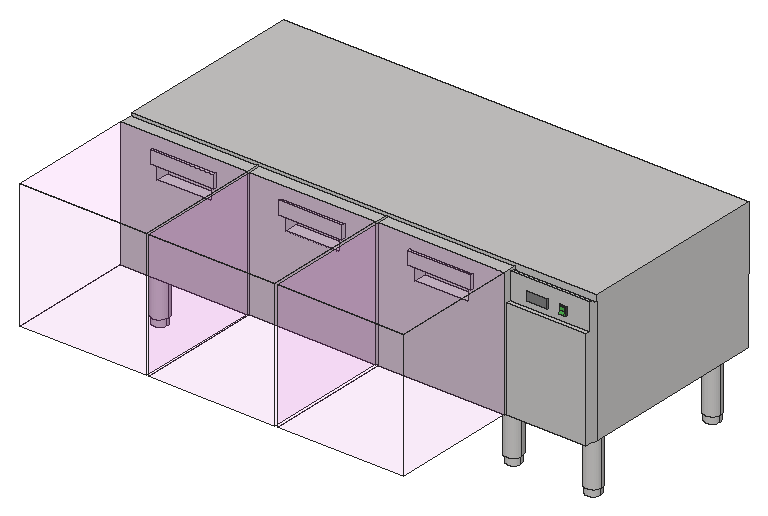
Revit family "QF_ELECTROLUXPROFESSIONAL_371292_E7TTAECOMKN", category Specialty Equipment, Revit 2018 (continued)
Lines and regions (mm)
  Split face 146
    outline origin (966.896, -348, 142.29) x (0, 0, -1) y (1, 0, 0)
      loop
        arc (-117.004, -234.4) -> (-121.004, -238.41) -> (-116.984, -242.399) r 4
        line (-116.984, -242.399) -> (-85.025, -242.399)
  Split face 147
    outline origin (978.896, -348, 142.29) x (0, 0, -1) y (1, 0, 0)
      loop
        arc (-85.025, -242.399) -> (-81.004, -238.41) -> (-85.004, -234.4) r 4
        line (-85.004, -234.4) -> (-117.004, -234.4)
        arc (-117.004, -234.4) -> (-121.004, -238.41) -> (-116.984, -242.399) r 4
        line (-116.984, -242.399) -> (-85.025, -242.399)
  Split face 148
    outline origin (990.896, -348, 142.29) x (0, 0, -1) y (1, 0, 0)
      loop
        arc (-85.025, -242.399) -> (-81.004, -238.41) -> (-85.004, -234.4) r 4
        line (-85.004, -234.4) -> (-117.004, -234.4)
        arc (-117.004, -234.4) -> (-121.004, -238.41) -> (-116.984, -242.399) r 4
        line (-116.984, -242.399) -> (-85.025, -242.399)
  Split face 149
    outline origin (1002.896, -348, 142.29) x (0, 0, -1) y (1, 0, 0)
      loop
        arc (-85.025, -242.399) -> (-81.004, -238.41) -> (-85.004, -234.4) r 4
        line (-85.004, -234.4) -> (-117.004, -234.4)
        arc (-117.004, -234.4) -> (-121.004, -238.41) -> (-116.984, -242.399) r 4
        line (-116.984, -242.399) -> (-85.025, -242.399)
  Split face 150
    outline origin (1014.896, -348, 142.29) x (0, 0, -1) y (1, 0, 0)
      loop
        arc (-85.025, -242.399) -> (-81.004, -238.41) -> (-85.004, -234.4) r 4
        line (-85.004, -234.4) -> (-117.004, -234.4)
        arc (-117.004, -234.4) -> (-121.004, -238.41) -> (-116.984, -242.399) r 4
        line (-116.984, -242.399) -> (-85.025, -242.399)
  Split face 151
    outline origin (787, -348, 142.29) x (0, 0, -1) y (1, 0, 0)
      loop
        arc (-85.025, -240.599) -> (-81.004, -236.61) -> (-85.004, -232.599) r 4
        line (-85.004, -232.599) -> (-117.004, -232.599)
        arc (-117.004, -232.599) -> (-121.004, -236.61) -> (-116.984, -240.599) r 4
        line (-116.984, -240.599) -> (-85.025, -240.599)
  symbolic lines, style "SpecialityEquipmentHiddenLines"
    curve 1: line (-799, 350, 0) -> (799, 350, 0)
    curve 2: line (-799, -348, 0) -> (-799, 350, 0)
    curve 3: line (799, -348, 0) -> (-799, -348, 0)
    curve 4: line (799, 350, 0) -> (799, -348, 0)
    curve 16: line (-799, -303, 0) -> (799, -303, 0)
  symbolic lines, style "QF_Door-Drawer Clearances"
    curve 5: line (-779, -348, 0) -> (-779, -473, 0)
    curve 6: line (-384.999, -473, 0) -> (-384.999, -348, 0)
    curve 7: line (-336.67, -348, 0) -> (-336.67, -473, 0)
    curve 8: line (-799, -473, 0) -> (-364.999, -473, 0)
    curve 9: line (-356.67, -473, 0) -> (77.33, -473, 0)
    curve 10: line (-799, -513, 0) -> (-364.999, -513, 0)
    curve 11: line (-356.67, -513, 0) -> (77.33, -513, 0)
    curve 12: line (-364.999, -513, 0) -> (-364.999, -473, 0)
    curve 13: line (-356.67, -473, 0) -> (-356.67, -513, 0)
    curve 14: line (-799, -473, 0) -> (-799, -513, 0)
    curve 15: line (77.33, -513, 0) -> (77.33, -473, 0)
    curve 17: line (519.661, -473, 0) -> (85.661, -473, 0)
    curve 18: line (519.661, -513, 0) -> (85.661, -513, 0)
    curve 19: line (519.661, -473, 0) -> (519.661, -513, 0)
    curve 20: line (85.661, -513, 0) -> (85.661, -473, 0)
    curve 21: line (57.33, -473, 0) -> (57.33, -348, 0)
    curve 22: line (105.661, -348, 0) -> (105.661, -473, 0)
    curve 23: line (499.661, -473, 0) -> (499.661, -348, 0)
Dimensions and locks
  plane 4 to level = 200 mm
  plane 5 "TOP" to level = 650 mm
  plane 5 "TOP" to plane 4 = 450 mm
  equal spacing: plane 8 "LEFT", plane 3 "Centro (Sinistra/Destra)", plane 9 "RIGHT"
  plane 8 "LEFT" to plane 9 "RIGHT" = 1600 mm
  equal spacing: plane 6 "BACK", plane 1 "Center X", plane 7 "FRONT"
  plane 6 "BACK" to plane 7 "FRONT" = 700 mm
  locked: plane 6 "BACK" to plane 10 at 653
  locked: plane 10 to plane 11 at 45
  locked: plane 8 "LEFT" to plane 12 at 55
  locked: plane 13 to plane 9 "RIGHT" at 55
  plane 12 to plane 14 = 1216 mm
  locked: plane 6 "BACK" to plane 15 at 88
  locked: plane 16 to plane 11 at 99
  locked: plane 19 to plane 9 "RIGHT" at 1
  locked: plane 8 "LEFT" to plane 18 at 1
  plane 19 to plane 17 = 513 mm
  locked: plane 6 "BACK" to plane 20 at 160
  plane 21 to plane 9 "RIGHT" = 240 mm
  plane 14 to plane 12 = 1216 mm
  plane 12 to plane 8 "LEFT" = 55 mm
  plane 9 "RIGHT" to plane 13 = 55 mm
  Extrusion 10 to Extrusion 10 = 434 mm
  Extrusion 13 to Extrusion 13 = 434 mm
  aligned and locked: level to plane 2
  aligned and locked: plane 12 to nested 1
  aligned and locked: nested 1 to plane 16
  aligned and locked: nested 2 to plane 15
  aligned and locked: plane 14 to nested 3
  aligned and locked: nested 4 to plane 14
  aligned and locked: plane 13 to nested 5
  aligned and locked: nested 6 to plane 13
  aligned and locked: Extrusion 1 sketch curve to plane 6 "BACK"
  aligned and locked: Extrusion 1 sketch curve to plane 10
  aligned and locked: Extrusion 2 to plane 11
  aligned and locked: plane 19 to Extrusion 1
  aligned and locked: plane 4 to Extrusion 5
  aligned and locked: nested 2 to plane 12
Automatic sketch dimensions
  Extrusion 5 sketch curve to plane 20 = 0 mm
  plane 21 to Extrusion 5 sketch curve = 200 mm
  Extrusion 1 sketch curve to plane 19 = 0 mm
  Extrusion 1 sketch curve to plane 18 = 0 mm
  Extrusion 2 sketch curve to plane 18 = 0 mm
  plane 12 to Extrusion 2 sketch curve = 69.7 mm
  Extrusion 2 sketch curve to Extrusion 2 sketch curve = 186.601 mm
  Extrusion 2 sketch curve to plane 5 "TOP" = 9.006 mm
  Extrusion 2 sketch curve to Extrusion 2 sketch curve = 123.7 mm
  Extrusion 2 sketch curve to plane 5 "TOP" = 65 mm
  Extrusion 2 sketch curve to Extrusion 2 sketch curve = 78.294 mm
  plane 4 to Extrusion 2 sketch curve = 1.587 mm
  Extrusion 2 to Extrusion 3 sketch curve = 0 mm
  Extrusion 3 sketch curve to Extrusion 2 = 0 mm  (x3)
  Extrusion 4 sketch curve to Extrusion 2 = 15 mm  (x2)
  Extrusion 2 to Extrusion 4 sketch curve = 31.031 mm
  Extrusion 4 sketch curve to Extrusion 2 = 13.969 mm
  Extrusion 6 sketch curve to plane 11 = 0 mm
  Extrusion 6 sketch curve to plane 4 = 0 mm
  Extrusion 6 sketch curve to plane 10 = 0 mm
  plane 11 to Extrusion 6 sketch curve = 16.901 mm
  Extrusion 6 sketch curve to Extrusion 6 sketch curve = 11.336 mm
  plane 4 to Extrusion 6 sketch curve = 4.796 mm
  Extrusion 6 sketch curve to plane 10 = 15.163 mm
  Extrusion 6 sketch curve to plane 10 = 5.442 mm
  Extrusion 6 sketch curve to plane 5 "TOP" = 100.204 mm
  Extrusion 6 sketch curve to plane 5 "TOP" = 20.473 mm
  Extrusion 6 sketch curve to plane 5 "TOP" = 9.006 mm
  Extrusion 6 to Extrusion 7 sketch curve = 42.198 mm
  Extrusion 7 sketch curve to Extrusion 6 = 20 mm
  Extrusion 6 to Extrusion 7 sketch curve = 102.899 mm
  Extrusion 7 sketch curve to Extrusion 7 sketch curve = 22 mm
  Extrusion 6 to Extrusion 8 sketch curve = 42.198 mm
  Extrusion 8 sketch curve to Extrusion 6 = 20 mm
  Extrusion 6 to Extrusion 8 sketch curve = 54.901 mm
  Extrusion 8 sketch curve to Extrusion 8 sketch curve = 70 mm
  Split face 1 sketch curve to Extrusion 8 = 5 mm
  Split face 1 sketch curve to Extrusion 8 = 9 mm
  Split face 1 sketch curve to Extrusion 8 = 10 mm  (x2)
  Split face 2 sketch curve to Extrusion 8 = 12.5 mm
  Split face 2 sketch curve to Extrusion 8 = 7 mm
  Split face 3 sketch curve to Extrusion 8 = 7.5 mm
  Split face 3 sketch curve to Extrusion 8 = 7 mm
  Split face 4 sketch curve to Extrusion 8 = 11.5 mm
  Split face 4 sketch curve to Extrusion 8 = 7 mm
  Split face 5 sketch curve to Extrusion 8 = 7.5 mm
  Split face 5 sketch curve to Extrusion 8 = 7 mm
  Split face 6 sketch curve to Extrusion 8 = 12.5 mm
  Split face 6 sketch curve to Extrusion 8 = 7 mm
  Split face 7 sketch curve to Extrusion 8 = 11.5 mm
  Split face 7 sketch curve to Extrusion 8 = 7 mm
  Split face 8 sketch curve to Extrusion 8 = 7.047 mm
  Split face 8 sketch curve to Extrusion 8 = 2.047 mm
  Split face 8 sketch curve to Extrusion 8 = 10 mm
  Split face 8 sketch curve to Split face 8 sketch curve = 11 mm
  Split face 9 sketch curve to Extrusion 8 = 7.047 mm
  Split face 9 sketch curve to Extrusion 8 = 2.047 mm
  Split face 9 sketch curve to Extrusion 8 = 23 mm
  Split face 9 sketch curve to Split face 9 sketch curve = 11 mm
  Split face 10 sketch curve to Extrusion 8 = 7.047 mm
  Split face 10 sketch curve to Extrusion 8 = 2.047 mm
  Split face 10 sketch curve to Extrusion 8 = 34 mm
  Split face 10 sketch curve to Split face 10 sketch curve = 11 mm
  Split face 11 sketch curve to Extrusion 8 = 7.047 mm
  Split face 11 sketch curve to Extrusion 8 = 2.047 mm
  Split face 11 sketch curve to Extrusion 8 = 21 mm
  Split face 11 sketch curve to Extrusion 8 = 10 mm
  Extrusion 9 sketch curve to Extrusion 9 sketch curve = 0 mm  (x3)
  Extrusion 9 sketch curve to Extrusion 7 = 0 mm
  Extrusion 7 to Extrusion 9 sketch curve = 2.279 mm
  Extrusion 9 sketch curve to Extrusion 9 sketch curve = 0.116 mm
  Extrusion 9 sketch curve to Extrusion 9 sketch curve = 12.105 mm
  Extrusion 7 to Extrusion 9 sketch curve = 3.692 mm
  Extrusion 7 to Extrusion 9 sketch curve = 2.395 mm
  Split face 12 sketch curve to Extrusion 6 = 20.5 mm
  Split face 12 sketch curve to Split face 12 sketch curve = 0.02 mm  (x2)
  Split face 12 sketch curve to Split face 12 sketch curve = 31.959 mm
  Split face 12 sketch curve to Extrusion 6 = 30.401 mm
  Split face 12 sketch curve to Split face 12 sketch curve = 4 mm
  Split face 13 sketch curve to Extrusion 6 = 20.5 mm
  Split face 13 sketch curve to Split face 13 sketch curve = 0.02 mm  (x2)
  Split face 13 sketch curve to Split face 13 sketch curve = 31.959 mm
  Split face 13 sketch curve to Extrusion 6 = 42.4 mm
  Split face 13 sketch curve to Split face 13 sketch curve = 4 mm
  Split face 14 sketch curve to Extrusion 6 = 20.5 mm
  Split face 14 sketch curve to Split face 14 sketch curve = 0.02 mm  (x2)
  Split face 14 sketch curve to Split face 14 sketch curve = 31.959 mm
  Split face 14 sketch curve to Extrusion 6 = 54.4 mm
  Split face 14 sketch curve to Split face 14 sketch curve = 4 mm
  Split face 15 sketch curve to Extrusion 6 = 20.5 mm
  Split face 15 sketch curve to Split face 15 sketch curve = 0.02 mm  (x2)
  Split face 15 sketch curve to Split face 15 sketch curve = 31.959 mm
  Split face 15 sketch curve to Extrusion 6 = 66.297 mm
  Split face 15 sketch curve to Split face 15 sketch curve = 4 mm
  Split face 16 sketch curve to Extrusion 6 = 20.5 mm
  Split face 16 sketch curve to Split face 16 sketch curve = 0.02 mm  (x2)
  Split face 16 sketch curve to Split face 16 sketch curve = 31.959 mm
  Split face 16 sketch curve to Extrusion 6 = 78.297 mm
  Split face 16 sketch curve to Split face 16 sketch curve = 4 mm
  Split face 17 sketch curve to Extrusion 6 = 20.5 mm
  Split face 17 sketch curve to Split face 17 sketch curve = 0.02 mm  (x2)
  Split face 17 sketch curve to Split face 17 sketch curve = 31.959 mm
  Split face 17 sketch curve to Extrusion 6 = 90.297 mm
  Split face 17 sketch curve to Split face 17 sketch curve = 4 mm
  Split face 18 sketch curve to Extrusion 6 = 20.5 mm
  Split face 18 sketch curve to Split face 18 sketch curve = 0.02 mm  (x2)
  Split face 18 sketch curve to Split face 18 sketch curve = 31.959 mm
  Split face 18 sketch curve to Extrusion 6 = 102.297 mm
  Split face 18 sketch curve to Split face 18 sketch curve = 4 mm
  Split face 19 sketch curve to Extrusion 6 = 20.5 mm
  Split face 19 sketch curve to Split face 19 sketch curve = 0.02 mm  (x2)
  Split face 19 sketch curve to Split face 19 sketch curve = 31.959 mm
  Split face 19 sketch curve to Extrusion 6 = 114.297 mm
  Split face 19 sketch curve to Split face 19 sketch curve = 4 mm
  Split face 20 sketch curve to Extrusion 6 = 20.5 mm
  Split face 20 sketch curve to Split face 20 sketch curve = 0.02 mm  (x2)
  Split face 20 sketch curve to Split face 20 sketch curve = 31.959 mm
  Split face 20 sketch curve to Extrusion 6 = 126.297 mm
  Split face 20 sketch curve to Split face 20 sketch curve = 4 mm
  Split face 21 sketch curve to Extrusion 6 = 20.5 mm
  Split face 21 sketch curve to Split face 21 sketch curve = 0.02 mm  (x2)
  Split face 21 sketch curve to Split face 21 sketch curve = 31.959 mm
  Split face 21 sketch curve to Extrusion 6 = 134.503 mm
  Split face 21 sketch curve to Split face 21 sketch curve = 4 mm
  Split face 22 sketch curve to Extrusion 6 = 20.5 mm
  Split face 22 sketch curve to Split face 22 sketch curve = 0.02 mm  (x2)
  Split face 22 sketch curve to Split face 22 sketch curve = 31.959 mm
  Split face 22 sketch curve to Extrusion 6 = 122.504 mm
  Split face 22 sketch curve to Split face 22 sketch curve = 4 mm
  Split face 23 sketch curve to Extrusion 6 = 20.5 mm
  Split face 23 sketch curve to Split face 23 sketch curve = 0.02 mm  (x2)
  Split face 23 sketch curve to Split face 23 sketch curve = 31.959 mm
  Split face 23 sketch curve to Extrusion 6 = 110.503 mm
  Split face 23 sketch curve to Split face 23 sketch curve = 4 mm
  Split face 24 sketch curve to Extrusion 6 = 20.5 mm
  Split face 24 sketch curve to Split face 24 sketch curve = 0.02 mm  (x2)
  Split face 24 sketch curve to Split face 24 sketch curve = 31.959 mm
  Split face 24 sketch curve to Extrusion 6 = 98.503 mm
  Split face 24 sketch curve to Split face 24 sketch curve = 4 mm
  Split face 25 sketch curve to Extrusion 6 = 20.5 mm
  Split face 25 sketch curve to Split face 25 sketch curve = 0.02 mm  (x2)
  Split face 25 sketch curve to Split face 25 sketch curve = 31.959 mm
  Split face 25 sketch curve to Extrusion 6 = 86.503 mm
  Split face 25 sketch curve to Split face 25 sketch curve = 4 mm
  Split face 26 sketch curve to Extrusion 6 = 20.5 mm
  Split face 26 sketch curve to Split face 26 sketch curve = 0.02 mm  (x2)
  Split face 26 sketch curve to Split face 26 sketch curve = 31.959 mm
  Split face 26 sketch curve to Extrusion 6 = 74.504 mm
  Split face 26 sketch curve to Split face 26 sketch curve = 4 mm
  Split face 27 sketch curve to Extrusion 6 = 20.5 mm
  Split face 27 sketch curve to Split face 27 sketch curve = 0.02 mm  (x2)
  Split face 27 sketch curve to Split face 27 sketch curve = 31.959 mm
  Split face 27 sketch curve to Extrusion 6 = 62.503 mm
  Split face 27 sketch curve to Split face 27 sketch curve = 4 mm
  Split face 28 sketch curve to Extrusion 6 = 20.5 mm
  Split face 28 sketch curve to Split face 28 sketch curve = 0.02 mm  (x2)
  Split face 28 sketch curve to Split face 28 sketch curve = 31.959 mm
  Split face 28 sketch curve to Extrusion 6 = 50.504 mm
  Split face 28 sketch curve to Split face 28 sketch curve = 4 mm
  Split face 29 sketch curve to Extrusion 6 = 20.5 mm
  Split face 29 sketch curve to Split face 29 sketch curve = 0.02 mm  (x2)
  Split face 29 sketch curve to Split face 29 sketch curve = 31.959 mm
  Split face 29 sketch curve to Extrusion 6 = 38.504 mm
  Split face 29 sketch curve to Split face 29 sketch curve = 4 mm
  Split face 30 sketch curve to Extrusion 6 = 20.5 mm
  Split face 30 sketch curve to Split face 30 sketch curve = 0.02 mm  (x2)
  Split face 30 sketch curve to Split face 30 sketch curve = 31.959 mm
  Split face 30 sketch curve to Extrusion 6 = 26.504 mm
  Split face 30 sketch curve to Split face 30 sketch curve = 4 mm
  Split face 31 sketch curve to Extrusion 6 = 20.5 mm
  Split face 31 sketch curve to Split face 31 sketch curve = 0.02 mm  (x2)
  Split face 31 sketch curve to Split face 31 sketch curve = 31.959 mm
  Split face 31 sketch curve to Extrusion 6 = 18.401 mm
  Split face 31 sketch curve to Split face 31 sketch curve = 4 mm
  Split face 32 sketch curve to Extrusion 6 = 65.502 mm
  Split face 32 sketch curve to Split face 32 sketch curve = 0.02 mm  (x2)
  Split face 32 sketch curve to Split face 32 sketch curve = 31.959 mm
  Split face 32 sketch curve to Extrusion 6 = 30.401 mm
  Split face 32 sketch curve to Split face 32 sketch curve = 4 mm
  Split face 33 sketch curve to Extrusion 6 = 65.502 mm
  Split face 33 sketch curve to Split face 33 sketch curve = 0.02 mm  (x2)
  Split face 33 sketch curve to Split face 33 sketch curve = 31.959 mm
  Split face 33 sketch curve to Extrusion 6 = 42.4 mm
  Split face 33 sketch curve to Split face 33 sketch curve = 4 mm
  Split face 34 sketch curve to Extrusion 6 = 65.502 mm
  Split face 34 sketch curve to Split face 34 sketch curve = 0.02 mm  (x2)
  Split face 34 sketch curve to Split face 34 sketch curve = 31.959 mm
  Split face 34 sketch curve to Extrusion 6 = 54.4 mm
  Split face 34 sketch curve to Split face 34 sketch curve = 4 mm
  Split face 35 sketch curve to Extrusion 6 = 65.502 mm
  Split face 35 sketch curve to Split face 35 sketch curve = 0.02 mm  (x2)
  Split face 35 sketch curve to Split face 35 sketch curve = 31.959 mm
  Split face 35 sketch curve to Extrusion 6 = 66.297 mm
  Split face 35 sketch curve to Split face 35 sketch curve = 4 mm
  Split face 36 sketch curve to Extrusion 6 = 65.502 mm
  Split face 36 sketch curve to Split face 36 sketch curve = 0.02 mm  (x2)
  Split face 36 sketch curve to Split face 36 sketch curve = 31.959 mm
  Split face 36 sketch curve to Extrusion 6 = 78.297 mm
  Split face 36 sketch curve to Split face 36 sketch curve = 4 mm
  Split face 37 sketch curve to Extrusion 6 = 65.502 mm
  Split face 37 sketch curve to Split face 37 sketch curve = 0.02 mm  (x2)
  Split face 37 sketch curve to Split face 37 sketch curve = 31.959 mm
  Split face 37 sketch curve to Extrusion 6 = 90.297 mm
  Split face 37 sketch curve to Split face 37 sketch curve = 4 mm
  Split face 38 sketch curve to Extrusion 6 = 65.502 mm
  Split face 38 sketch curve to Split face 38 sketch curve = 0.02 mm  (x2)
  Split face 38 sketch curve to Split face 38 sketch curve = 31.959 mm
  Split face 38 sketch curve to Extrusion 6 = 102.297 mm
  Split face 38 sketch curve to Split face 38 sketch curve = 4 mm
  Split face 39 sketch curve to Extrusion 6 = 65.502 mm
  Split face 39 sketch curve to Split face 39 sketch curve = 0.02 mm  (x2)
  Split face 39 sketch curve to Split face 39 sketch curve = 31.959 mm
  Split face 39 sketch curve to Extrusion 6 = 114.297 mm
  Split face 39 sketch curve to Split face 39 sketch curve = 4 mm
  Split face 40 sketch curve to Extrusion 6 = 65.502 mm
  Split face 40 sketch curve to Split face 40 sketch curve = 0.02 mm  (x2)
  Split face 40 sketch curve to Split face 40 sketch curve = 31.959 mm
  Split face 40 sketch curve to Extrusion 6 = 126.297 mm
  Split face 40 sketch curve to Split face 40 sketch curve = 4 mm
  Split face 41 sketch curve to Extrusion 6 = 65.502 mm
  Split face 41 sketch curve to Split face 41 sketch curve = 0.02 mm  (x2)
  Split face 41 sketch curve to Split face 41 sketch curve = 31.959 mm
  Split face 41 sketch curve to Extrusion 6 = 134.503 mm
  Split face 41 sketch curve to Split face 41 sketch curve = 4 mm
  Split face 42 sketch curve to Extrusion 6 = 65.502 mm
  Split face 42 sketch curve to Split face 42 sketch curve = 0.02 mm  (x2)
  Split face 42 sketch curve to Split face 42 sketch curve = 31.959 mm
  Split face 42 sketch curve to Extrusion 6 = 122.504 mm
  Split face 42 sketch curve to Split face 42 sketch curve = 4 mm
  Split face 43 sketch curve to Extrusion 6 = 65.502 mm
  Split face 43 sketch curve to Split face 43 sketch curve = 0.02 mm  (x2)
  Split face 43 sketch curve to Split face 43 sketch curve = 31.959 mm
  Split face 43 sketch curve to Extrusion 6 = 110.503 mm
  Split face 43 sketch curve to Split face 43 sketch curve = 4 mm
  Split face 44 sketch curve to Extrusion 6 = 65.502 mm
  Split face 44 sketch curve to Split face 44 sketch curve = 0.02 mm  (x2)
  Split face 44 sketch curve to Split face 44 sketch curve = 31.959 mm
  Split face 44 sketch curve to Extrusion 6 = 98.503 mm
  Split face 44 sketch curve to Split face 44 sketch curve = 4 mm
  Split face 45 sketch curve to Extrusion 6 = 65.502 mm
  Split face 45 sketch curve to Split face 45 sketch curve = 0.02 mm  (x2)
  Split face 45 sketch curve to Split face 45 sketch curve = 31.959 mm
  Split face 45 sketch curve to Extrusion 6 = 86.503 mm
  Split face 45 sketch curve to Split face 45 sketch curve = 4 mm
  Split face 46 sketch curve to Extrusion 6 = 65.502 mm
  Split face 46 sketch curve to Split face 46 sketch curve = 0.02 mm  (x2)
  Split face 46 sketch curve to Split face 46 sketch curve = 31.959 mm
  Split face 46 sketch curve to Extrusion 6 = 74.504 mm
  Split face 46 sketch curve to Split face 46 sketch curve = 4 mm
  Split face 47 sketch curve to Extrusion 6 = 65.502 mm
  Split face 47 sketch curve to Split face 47 sketch curve = 0.02 mm  (x2)
  Split face 47 sketch curve to Split face 47 sketch curve = 31.959 mm
  Split face 47 sketch curve to Extrusion 6 = 62.503 mm
  Split face 47 sketch curve to Split face 47 sketch curve = 4 mm
  Split face 48 sketch curve to Extrusion 6 = 65.502 mm
  Split face 48 sketch curve to Split face 48 sketch curve = 0.02 mm  (x2)
  Split face 48 sketch curve to Split face 48 sketch curve = 31.959 mm
  Split face 48 sketch curve to Extrusion 6 = 50.504 mm
  Split face 48 sketch curve to Split face 48 sketch curve = 4 mm
  Split face 49 sketch curve to Extrusion 6 = 65.502 mm
  Split face 49 sketch curve to Split face 49 sketch curve = 0.02 mm  (x2)
  Split face 49 sketch curve to Split face 49 sketch curve = 31.959 mm
  Split face 49 sketch curve to Extrusion 6 = 38.504 mm
  Split face 49 sketch curve to Split face 49 sketch curve = 4 mm
  Split face 50 sketch curve to Extrusion 6 = 22.504 mm
  Split face 50 sketch curve to Extrusion 6 = 65.502 mm
  Split face 50 sketch curve to Split face 50 sketch curve = 0.02 mm  (x2)
  Split face 50 sketch curve to Split face 50 sketch curve = 31.959 mm
  Split face 50 sketch curve to Split face 50 sketch curve = 4 mm
  Split face 51 sketch curve to Extrusion 6 = 22.401 mm
  Split face 51 sketch curve to Extrusion 6 = 65.502 mm
  Split face 51 sketch curve to Split face 51 sketch curve = 0.02 mm  (x2)
  Split face 51 sketch curve to Split face 51 sketch curve = 31.959 mm
  Split face 51 sketch curve to Split face 51 sketch curve = 4 mm
  Split face 52 sketch curve to Extrusion 6 = 34.401 mm
  Split face 52 sketch curve to Extrusion 6 = 110.502 mm
  Split face 52 sketch curve to Split face 52 sketch curve = 0.02 mm  (x2)
  Split face 52 sketch curve to Split face 52 sketch curve = 31.959 mm
  Split face 52 sketch curve to Split face 52 sketch curve = 4 mm
  Split face 53 sketch curve to Extrusion 6 = 46.4 mm
  Split face 53 sketch curve to Extrusion 6 = 110.502 mm
  Split face 53 sketch curve to Split face 53 sketch curve = 0.02 mm  (x2)
  Split face 53 sketch curve to Split face 53 sketch curve = 31.959 mm
  Split face 53 sketch curve to Split face 53 sketch curve = 4 mm
  Split face 54 sketch curve to Extrusion 6 = 110.502 mm
  Split face 54 sketch curve to Split face 54 sketch curve = 0.02 mm  (x2)
  Split face 54 sketch curve to Split face 54 sketch curve = 31.959 mm
  Split face 54 sketch curve to Extrusion 6 = 54.4 mm
  Split face 54 sketch curve to Split face 54 sketch curve = 4 mm
  Split face 55 sketch curve to Extrusion 6 = 110.502 mm
  Split face 55 sketch curve to Split face 55 sketch curve = 0.02 mm  (x2)
  Split face 55 sketch curve to Split face 55 sketch curve = 31.959 mm
  Split face 55 sketch curve to Extrusion 6 = 66.297 mm
  Split face 55 sketch curve to Split face 55 sketch curve = 4 mm
  Split face 56 sketch curve to Extrusion 6 = 110.502 mm
  Split face 56 sketch curve to Split face 56 sketch curve = 0.02 mm  (x2)
  Split face 56 sketch curve to Split face 56 sketch curve = 31.959 mm
  Split face 56 sketch curve to Extrusion 6 = 78.297 mm
  Split face 56 sketch curve to Split face 56 sketch curve = 4 mm
  Split face 57 sketch curve to Extrusion 6 = 110.502 mm
  Split face 57 sketch curve to Split face 57 sketch curve = 0.02 mm  (x2)
  Split face 57 sketch curve to Split face 57 sketch curve = 31.959 mm
  Split face 57 sketch curve to Extrusion 6 = 90.297 mm
  Split face 57 sketch curve to Split face 57 sketch curve = 4 mm
  Split face 58 sketch curve to Extrusion 6 = 110.502 mm
  Split face 58 sketch curve to Split face 58 sketch curve = 0.02 mm  (x2)
  Split face 58 sketch curve to Split face 58 sketch curve = 31.959 mm
  Split face 58 sketch curve to Extrusion 6 = 102.297 mm
  Split face 58 sketch curve to Split face 58 sketch curve = 4 mm
  Split face 59 sketch curve to Extrusion 6 = 110.502 mm
  Split face 59 sketch curve to Split face 59 sketch curve = 0.02 mm  (x2)
  Split face 59 sketch curve to Split face 59 sketch curve = 31.959 mm
  Split face 59 sketch curve to Extrusion 6 = 114.297 mm
  Split face 59 sketch curve to Split face 59 sketch curve = 4 mm
  Split face 60 sketch curve to Extrusion 6 = 110.502 mm
  Split face 60 sketch curve to Split face 60 sketch curve = 0.02 mm  (x2)
  Split face 60 sketch curve to Split face 60 sketch curve = 31.959 mm
  Split face 60 sketch curve to Extrusion 6 = 126.297 mm
  Split face 60 sketch curve to Split face 60 sketch curve = 4 mm
  Split face 61 sketch curve to Extrusion 6 = 110.502 mm
  Split face 61 sketch curve to Split face 61 sketch curve = 0.02 mm  (x2)
  Split face 61 sketch curve to Split face 61 sketch curve = 31.959 mm
  Split face 61 sketch curve to Extrusion 6 = 134.503 mm
  Split face 61 sketch curve to Split face 61 sketch curve = 4 mm
  Split face 62 sketch curve to Extrusion 6 = 110.502 mm
  Split face 62 sketch curve to Split face 62 sketch curve = 0.02 mm  (x2)
  Split face 62 sketch curve to Split face 62 sketch curve = 31.959 mm
  Split face 62 sketch curve to Extrusion 6 = 122.504 mm
  Split face 62 sketch curve to Split face 62 sketch curve = 4 mm
  Split face 63 sketch curve to Extrusion 6 = 110.502 mm
  Split face 63 sketch curve to Split face 63 sketch curve = 0.02 mm  (x2)
  Split face 63 sketch curve to Split face 63 sketch curve = 31.959 mm
  Split face 63 sketch curve to Extrusion 6 = 110.503 mm
  Split face 63 sketch curve to Split face 63 sketch curve = 4 mm
  Split face 64 sketch curve to Extrusion 6 = 110.502 mm
  Split face 64 sketch curve to Split face 64 sketch curve = 0.02 mm  (x2)
  Split face 64 sketch curve to Split face 64 sketch curve = 31.959 mm
  Split face 64 sketch curve to Extrusion 6 = 98.503 mm
  Split face 64 sketch curve to Split face 64 sketch curve = 4 mm
  Split face 65 sketch curve to Extrusion 6 = 110.502 mm
  Split face 65 sketch curve to Split face 65 sketch curve = 0.02 mm  (x2)
  Split face 65 sketch curve to Split face 65 sketch curve = 31.959 mm
  Split face 65 sketch curve to Extrusion 6 = 86.503 mm
  Split face 65 sketch curve to Split face 65 sketch curve = 4 mm
  Split face 66 sketch curve to Extrusion 6 = 110.502 mm
  Split face 66 sketch curve to Split face 66 sketch curve = 0.02 mm  (x2)
  Split face 66 sketch curve to Split face 66 sketch curve = 31.959 mm
  Split face 66 sketch curve to Extrusion 6 = 74.504 mm
  Split face 66 sketch curve to Split face 66 sketch curve = 4 mm
  Split face 67 sketch curve to Extrusion 6 = 110.502 mm
  Split face 67 sketch curve to Split face 67 sketch curve = 0.02 mm  (x2)
  Split face 67 sketch curve to Split face 67 sketch curve = 31.959 mm
  Split face 67 sketch curve to Extrusion 6 = 62.503 mm
  Split face 67 sketch curve to Split face 67 sketch curve = 4 mm
  Split face 68 sketch curve to Extrusion 6 = 46.504 mm
  Split face 68 sketch curve to Extrusion 6 = 110.502 mm
  Split face 68 sketch curve to Split face 68 sketch curve = 0.02 mm  (x2)
  Split face 68 sketch curve to Split face 68 sketch curve = 31.959 mm
  Split face 68 sketch curve to Split face 68 sketch curve = 4 mm
  Split face 69 sketch curve to Extrusion 6 = 34.504 mm
  Split face 69 sketch curve to Extrusion 6 = 110.502 mm
  Split face 69 sketch curve to Split face 69 sketch curve = 0.02 mm  (x2)
  Split face 69 sketch curve to Split face 69 sketch curve = 31.959 mm
  Split face 69 sketch curve to Split face 69 sketch curve = 4 mm
  Split face 70 sketch curve to Extrusion 6 = 22.504 mm
  Split face 70 sketch curve to Extrusion 6 = 110.502 mm
  Split face 70 sketch curve to Split face 70 sketch curve = 0.02 mm  (x2)
  Split face 70 sketch curve to Split face 70 sketch curve = 31.959 mm
  Split face 70 sketch curve to Split face 70 sketch curve = 4 mm
  Split face 71 sketch curve to Extrusion 6 = 22.401 mm
  Split face 71 sketch curve to Extrusion 6 = 110.502 mm
  Split face 71 sketch curve to Split face 71 sketch curve = 0.02 mm  (x2)
  Split face 71 sketch curve to Split face 71 sketch curve = 31.959 mm
  Split face 71 sketch curve to Split face 71 sketch curve = 4 mm
  Split face 72 sketch curve to Extrusion 6 = 34.401 mm
  Split face 72 sketch curve to Extrusion 6 = 155.502 mm
  Split face 72 sketch curve to Split face 72 sketch curve = 0.02 mm  (x2)
  Split face 72 sketch curve to Split face 72 sketch curve = 31.959 mm
  Split face 72 sketch curve to Split face 72 sketch curve = 4 mm
  Split face 73 sketch curve to Extrusion 6 = 46.4 mm
  Split face 73 sketch curve to Extrusion 6 = 155.502 mm
  Split face 73 sketch curve to Split face 73 sketch curve = 0.02 mm  (x2)
  Split face 73 sketch curve to Split face 73 sketch curve = 31.959 mm
  Split face 73 sketch curve to Split face 73 sketch curve = 4 mm
  Split face 74 sketch curve to Extrusion 6 = 58.4 mm
  Split face 74 sketch curve to Extrusion 6 = 155.502 mm
  Split face 74 sketch curve to Split face 74 sketch curve = 0.02 mm  (x2)
  Split face 74 sketch curve to Split face 74 sketch curve = 31.959 mm
  Split face 74 sketch curve to Split face 74 sketch curve = 4 mm
  Split face 75 sketch curve to Extrusion 6 = 70.297 mm
  Split face 75 sketch curve to Extrusion 6 = 155.502 mm
  Split face 75 sketch curve to Split face 75 sketch curve = 0.02 mm  (x2)
  Split face 75 sketch curve to Split face 75 sketch curve = 31.959 mm
  Split face 75 sketch curve to Split face 75 sketch curve = 4 mm
  Split face 76 sketch curve to Extrusion 6 = 155.502 mm
  Split face 76 sketch curve to Split face 76 sketch curve = 0.02 mm  (x2)
  Split face 76 sketch curve to Split face 76 sketch curve = 31.959 mm
  Split face 76 sketch curve to Extrusion 6 = 78.297 mm
  Split face 76 sketch curve to Split face 76 sketch curve = 4 mm
  Split face 77 sketch curve to Extrusion 6 = 155.502 mm
  Split face 77 sketch curve to Split face 77 sketch curve = 0.02 mm  (x2)
  Split face 77 sketch curve to Split face 77 sketch curve = 31.959 mm
  Split face 77 sketch curve to Extrusion 6 = 90.297 mm
  Split face 77 sketch curve to Split face 77 sketch curve = 4 mm
  Split face 78 sketch curve to Extrusion 6 = 155.502 mm
  Split face 78 sketch curve to Split face 78 sketch curve = 0.02 mm  (x2)
  Split face 78 sketch curve to Split face 78 sketch curve = 31.959 mm
  Split face 78 sketch curve to Extrusion 6 = 102.297 mm
  Split face 78 sketch curve to Split face 78 sketch curve = 4 mm
  Split face 79 sketch curve to Extrusion 6 = 155.502 mm
  Split face 79 sketch curve to Split face 79 sketch curve = 0.02 mm  (x2)
  Split face 79 sketch curve to Split face 79 sketch curve = 31.959 mm
  Split face 79 sketch curve to Extrusion 6 = 114.297 mm
  Split face 79 sketch curve to Split face 79 sketch curve = 4 mm
  Split face 80 sketch curve to Extrusion 6 = 155.502 mm
  Split face 80 sketch curve to Split face 80 sketch curve = 0.02 mm  (x2)
  Split face 80 sketch curve to Split face 80 sketch curve = 31.959 mm
  Split face 80 sketch curve to Extrusion 6 = 126.297 mm
  Split face 80 sketch curve to Split face 80 sketch curve = 4 mm
  Split face 81 sketch curve to Extrusion 6 = 155.502 mm
  Split face 81 sketch curve to Split face 81 sketch curve = 0.02 mm  (x2)
  Split face 81 sketch curve to Split face 81 sketch curve = 31.959 mm
  Split face 81 sketch curve to Extrusion 6 = 134.503 mm
  Split face 81 sketch curve to Split face 81 sketch curve = 4 mm
  Split face 82 sketch curve to Extrusion 6 = 155.502 mm
  Split face 82 sketch curve to Split face 82 sketch curve = 0.02 mm  (x2)
  Split face 82 sketch curve to Split face 82 sketch curve = 31.959 mm
  Split face 82 sketch curve to Extrusion 6 = 122.504 mm
  Split face 82 sketch curve to Split face 82 sketch curve = 4 mm
  Split face 83 sketch curve to Extrusion 6 = 155.502 mm
  Split face 83 sketch curve to Split face 83 sketch curve = 0.02 mm  (x2)
  Split face 83 sketch curve to Split face 83 sketch curve = 31.959 mm
  Split face 83 sketch curve to Extrusion 6 = 110.503 mm
  Split face 83 sketch curve to Split face 83 sketch curve = 4 mm
  Split face 84 sketch curve to Extrusion 6 = 155.502 mm
  Split face 84 sketch curve to Split face 84 sketch curve = 0.02 mm  (x2)
  Split face 84 sketch curve to Split face 84 sketch curve = 31.959 mm
  Split face 84 sketch curve to Extrusion 6 = 98.503 mm
  Split face 84 sketch curve to Split face 84 sketch curve = 4 mm
  Split face 85 sketch curve to Extrusion 6 = 155.502 mm
  Split face 85 sketch curve to Split face 85 sketch curve = 0.02 mm  (x2)
  Split face 85 sketch curve to Split face 85 sketch curve = 31.959 mm
  Split face 85 sketch curve to Extrusion 6 = 86.503 mm
  Split face 85 sketch curve to Split face 85 sketch curve = 4 mm
  Split face 86 sketch curve to Extrusion 6 = 70.504 mm
  Split face 86 sketch curve to Extrusion 6 = 155.502 mm
  Split face 86 sketch curve to Split face 86 sketch curve = 0.02 mm  (x2)
  Split face 86 sketch curve to Split face 86 sketch curve = 31.959 mm
  Split face 86 sketch curve to Split face 86 sketch curve = 4 mm
  Split face 87 sketch curve to Extrusion 6 = 58.503 mm
  Split face 87 sketch curve to Extrusion 6 = 155.502 mm
  Split face 87 sketch curve to Split face 87 sketch curve = 0.02 mm  (x2)
  Split face 87 sketch curve to Split face 87 sketch curve = 31.959 mm
  Split face 87 sketch curve to Split face 87 sketch curve = 4 mm
  Split face 88 sketch curve to Extrusion 6 = 46.504 mm
  Split face 88 sketch curve to Extrusion 6 = 155.502 mm
  Split face 88 sketch curve to Split face 88 sketch curve = 0.02 mm  (x2)
  Split face 88 sketch curve to Split face 88 sketch curve = 31.959 mm
  Split face 88 sketch curve to Split face 88 sketch curve = 4 mm
  Split face 89 sketch curve to Extrusion 6 = 34.504 mm
  Split face 89 sketch curve to Extrusion 6 = 155.502 mm
  Split face 89 sketch curve to Split face 89 sketch curve = 0.02 mm  (x2)
  Split face 89 sketch curve to Split face 89 sketch curve = 31.959 mm
  Split face 89 sketch curve to Split face 89 sketch curve = 4 mm
  Split face 90 sketch curve to Extrusion 6 = 22.504 mm
  Split face 90 sketch curve to Extrusion 6 = 155.502 mm
  Split face 90 sketch curve to Split face 90 sketch curve = 0.02 mm  (x2)
  Split face 90 sketch curve to Split face 90 sketch curve = 31.959 mm
  Split face 90 sketch curve to Split face 90 sketch curve = 4 mm
  Split face 91 sketch curve to Extrusion 6 = 22.401 mm
  Split face 91 sketch curve to Extrusion 6 = 155.502 mm
  Split face 91 sketch curve to Split face 91 sketch curve = 0.02 mm  (x2)
  Split face 91 sketch curve to Split face 91 sketch curve = 31.959 mm
  Split face 91 sketch curve to Split face 91 sketch curve = 4 mm
  Split face 92 sketch curve to Extrusion 6 = 34.401 mm
  Split face 92 sketch curve to Extrusion 6 = 144.498 mm
  Split face 92 sketch curve to Split face 92 sketch curve = 0.02 mm  (x2)
  Split face 92 sketch curve to Split face 92 sketch curve = 31.959 mm
  Split face 92 sketch curve to Split face 92 sketch curve = 4 mm
  Split face 93 sketch curve to Extrusion 6 = 46.4 mm
  Split face 93 sketch curve to Extrusion 6 = 144.498 mm
  Split face 93 sketch curve to Split face 93 sketch curve = 0.02 mm  (x2)
  Split face 93 sketch curve to Split face 93 sketch curve = 31.959 mm
  Split face 93 sketch curve to Split face 93 sketch curve = 4 mm
  Split face 94 sketch curve to Extrusion 6 = 58.4 mm
  Split face 94 sketch curve to Extrusion 6 = 144.498 mm
  Split face 94 sketch curve to Split face 94 sketch curve = 0.02 mm  (x2)
  Split face 94 sketch curve to Split face 94 sketch curve = 31.959 mm
  Split face 94 sketch curve to Split face 94 sketch curve = 4 mm
  Split face 95 sketch curve to Extrusion 6 = 70.297 mm
  Split face 95 sketch curve to Extrusion 6 = 144.498 mm
  Split face 95 sketch curve to Split face 95 sketch curve = 0.02 mm  (x2)
  Split face 95 sketch curve to Split face 95 sketch curve = 31.959 mm
  Split face 95 sketch curve to Split face 95 sketch curve = 4 mm
  Split face 96 sketch curve to Extrusion 6 = 144.498 mm
  Split face 96 sketch curve to Split face 96 sketch curve = 0.02 mm  (x2)
  Split face 96 sketch curve to Split face 96 sketch curve = 31.959 mm
  Split face 96 sketch curve to Extrusion 6 = 78.297 mm
  Split face 96 sketch curve to Split face 96 sketch curve = 4 mm
  Split face 97 sketch curve to Extrusion 6 = 144.498 mm
  Split face 97 sketch curve to Split face 97 sketch curve = 0.02 mm  (x2)
  Split face 97 sketch curve to Split face 97 sketch curve = 31.959 mm
  Split face 97 sketch curve to Extrusion 6 = 90.297 mm
  Split face 97 sketch curve to Split face 97 sketch curve = 4 mm
  Split face 98 sketch curve to Extrusion 6 = 144.498 mm
  Split face 98 sketch curve to Split face 98 sketch curve = 0.02 mm  (x2)
  Split face 98 sketch curve to Split face 98 sketch curve = 31.959 mm
  Split face 98 sketch curve to Extrusion 6 = 102.297 mm
  Split face 98 sketch curve to Split face 98 sketch curve = 4 mm
  Split face 99 sketch curve to Extrusion 6 = 144.498 mm
  Split face 99 sketch curve to Split face 99 sketch curve = 0.02 mm  (x2)
  Split face 99 sketch curve to Split face 99 sketch curve = 31.959 mm
  Split face 99 sketch curve to Extrusion 6 = 114.297 mm
  Split face 99 sketch curve to Split face 99 sketch curve = 4 mm
  Split face 100 sketch curve to Extrusion 6 = 144.498 mm
  Split face 100 sketch curve to Split face 100 sketch curve = 0.02 mm  (x2)
  Split face 100 sketch curve to Split face 100 sketch curve = 31.959 mm
  Split face 100 sketch curve to Extrusion 6 = 126.297 mm
  Split face 100 sketch curve to Split face 100 sketch curve = 4 mm
  Split face 101 sketch curve to Extrusion 6 = 144.498 mm
  Split face 101 sketch curve to Split face 101 sketch curve = 0.02 mm  (x2)
  Split face 101 sketch curve to Split face 101 sketch curve = 31.959 mm
  Split face 101 sketch curve to Extrusion 6 = 134.503 mm
  Split face 101 sketch curve to Split face 101 sketch curve = 4 mm
  Split face 102 sketch curve to Extrusion 6 = 144.498 mm
  Split face 102 sketch curve to Split face 102 sketch curve = 0.02 mm  (x2)
  Split face 102 sketch curve to Split face 102 sketch curve = 31.959 mm
  Split face 102 sketch curve to Extrusion 6 = 122.504 mm
  Split face 102 sketch curve to Split face 102 sketch curve = 4 mm
  Split face 103 sketch curve to Extrusion 6 = 144.498 mm
  Split face 103 sketch curve to Split face 103 sketch curve = 0.02 mm  (x2)
  Split face 103 sketch curve to Split face 103 sketch curve = 31.959 mm
  Split face 103 sketch curve to Extrusion 6 = 110.503 mm
  Split face 103 sketch curve to Split face 103 sketch curve = 4 mm
  Split face 104 sketch curve to Extrusion 6 = 144.498 mm
  Split face 104 sketch curve to Split face 104 sketch curve = 0.02 mm  (x2)
  Split face 104 sketch curve to Split face 104 sketch curve = 31.959 mm
  Split face 104 sketch curve to Extrusion 6 = 98.503 mm
  Split face 104 sketch curve to Split face 104 sketch curve = 4 mm
  Split face 105 sketch curve to Extrusion 6 = 144.498 mm
  Split face 105 sketch curve to Split face 105 sketch curve = 0.02 mm  (x2)
  Split face 105 sketch curve to Split face 105 sketch curve = 31.959 mm
  Split face 105 sketch curve to Extrusion 6 = 86.503 mm
  Split face 105 sketch curve to Split face 105 sketch curve = 4 mm
  Split face 106 sketch curve to Extrusion 6 = 70.504 mm
  Split face 106 sketch curve to Extrusion 6 = 144.498 mm
  Split face 106 sketch curve to Split face 106 sketch curve = 0.02 mm  (x2)
  Split face 106 sketch curve to Split face 106 sketch curve = 31.959 mm
  Split face 106 sketch curve to Split face 106 sketch curve = 4 mm
  Split face 107 sketch curve to Extrusion 6 = 58.503 mm
  Split face 107 sketch curve to Extrusion 6 = 144.498 mm
  Split face 107 sketch curve to Split face 107 sketch curve = 0.02 mm  (x2)
  Split face 107 sketch curve to Split face 107 sketch curve = 31.959 mm
  Split face 107 sketch curve to Split face 107 sketch curve = 4 mm
  Split face 108 sketch curve to Extrusion 6 = 46.504 mm
  Split face 108 sketch curve to Extrusion 6 = 144.498 mm
  Split face 108 sketch curve to Split face 108 sketch curve = 0.02 mm  (x2)
  Split face 108 sketch curve to Split face 108 sketch curve = 31.959 mm
  Split face 108 sketch curve to Split face 108 sketch curve = 4 mm
  Split face 109 sketch curve to Extrusion 6 = 34.504 mm
  Split face 109 sketch curve to Extrusion 6 = 144.498 mm
  Split face 109 sketch curve to Split face 109 sketch curve = 0.02 mm  (x2)
  Split face 109 sketch curve to Split face 109 sketch curve = 31.959 mm
  Split face 109 sketch curve to Split face 109 sketch curve = 4 mm
  Split face 110 sketch curve to Extrusion 6 = 22.504 mm
  Split face 110 sketch curve to Extrusion 6 = 144.498 mm
  Split face 110 sketch curve to Split face 110 sketch curve = 0.02 mm  (x2)
  Split face 110 sketch curve to Split face 110 sketch curve = 31.959 mm
  Split face 110 sketch curve to Split face 110 sketch curve = 4 mm
  Split face 111 sketch curve to Extrusion 6 = 22.401 mm
  Split face 111 sketch curve to Extrusion 6 = 144.498 mm
  Split face 111 sketch curve to Split face 111 sketch curve = 0.02 mm  (x2)
  Split face 111 sketch curve to Split face 111 sketch curve = 31.959 mm
  Split face 111 sketch curve to Split face 111 sketch curve = 4 mm
  Split face 112 sketch curve to Extrusion 6 = 34.401 mm
  Split face 112 sketch curve to Extrusion 6 = 99.499 mm
  Split face 112 sketch curve to Split face 112 sketch curve = 0.02 mm  (x2)
  Split face 112 sketch curve to Split face 112 sketch curve = 31.959 mm
  Split face 112 sketch curve to Split face 112 sketch curve = 4 mm
  Split face 113 sketch curve to Extrusion 6 = 46.4 mm
  Split face 113 sketch curve to Extrusion 6 = 99.499 mm
  Split face 113 sketch curve to Split face 113 sketch curve = 0.02 mm  (x2)
  Split face 113 sketch curve to Split face 113 sketch curve = 31.959 mm
  Split face 113 sketch curve to Split face 113 sketch curve = 4 mm
  Split face 114 sketch curve to Extrusion 6 = 99.499 mm
  Split face 114 sketch curve to Split face 114 sketch curve = 0.02 mm  (x2)
  Split face 114 sketch curve to Split face 114 sketch curve = 31.959 mm
  Split face 114 sketch curve to Extrusion 6 = 54.4 mm
  Split face 114 sketch curve to Split face 114 sketch curve = 4 mm
  Split face 115 sketch curve to Extrusion 6 = 99.499 mm
  Split face 115 sketch curve to Split face 115 sketch curve = 0.02 mm  (x2)
  Split face 115 sketch curve to Split face 115 sketch curve = 31.959 mm
  Split face 115 sketch curve to Extrusion 6 = 66.297 mm
  Split face 115 sketch curve to Split face 115 sketch curve = 4 mm
  Split face 116 sketch curve to Extrusion 6 = 99.499 mm
  Split face 116 sketch curve to Split face 116 sketch curve = 0.02 mm  (x2)
  Split face 116 sketch curve to Split face 116 sketch curve = 31.959 mm
  Split face 116 sketch curve to Extrusion 6 = 78.297 mm
  Split face 116 sketch curve to Split face 116 sketch curve = 4 mm
  Split face 117 sketch curve to Extrusion 6 = 99.499 mm
  Split face 117 sketch curve to Split face 117 sketch curve = 0.02 mm  (x2)
  Split face 117 sketch curve to Split face 117 sketch curve = 31.959 mm
  Split face 117 sketch curve to Extrusion 6 = 90.297 mm
  Split face 117 sketch curve to Split face 117 sketch curve = 4 mm
  Split face 118 sketch curve to Extrusion 6 = 99.499 mm
  Split face 118 sketch curve to Split face 118 sketch curve = 0.02 mm  (x2)
  Split face 118 sketch curve to Split face 118 sketch curve = 31.959 mm
  Split face 118 sketch curve to Extrusion 6 = 102.297 mm
  Split face 118 sketch curve to Split face 118 sketch curve = 4 mm
  Split face 119 sketch curve to Extrusion 6 = 99.499 mm
  Split face 119 sketch curve to Split face 119 sketch curve = 0.02 mm  (x2)
  Split face 119 sketch curve to Split face 119 sketch curve = 31.959 mm
  Split face 119 sketch curve to Extrusion 6 = 114.297 mm
  Split face 119 sketch curve to Split face 119 sketch curve = 4 mm
  Split face 120 sketch curve to Extrusion 6 = 99.499 mm
  Split face 120 sketch curve to Split face 120 sketch curve = 0.02 mm  (x2)
  Split face 120 sketch curve to Split face 120 sketch curve = 31.959 mm
  Split face 120 sketch curve to Extrusion 6 = 126.297 mm
  Split face 120 sketch curve to Split face 120 sketch curve = 4 mm
  Split face 121 sketch curve to Extrusion 6 = 99.499 mm
  Split face 121 sketch curve to Split face 121 sketch curve = 0.02 mm  (x2)
  Split face 121 sketch curve to Split face 121 sketch curve = 31.959 mm
  Split face 121 sketch curve to Extrusion 6 = 134.503 mm
  Split face 121 sketch curve to Split face 121 sketch curve = 4 mm
  Split face 122 sketch curve to Extrusion 6 = 99.499 mm
  Split face 122 sketch curve to Split face 122 sketch curve = 0.02 mm  (x2)
  Split face 122 sketch curve to Split face 122 sketch curve = 31.959 mm
  Split face 122 sketch curve to Extrusion 6 = 122.504 mm
  Split face 122 sketch curve to Split face 122 sketch curve = 4 mm
  Split face 123 sketch curve to Extrusion 6 = 99.499 mm
  Split face 123 sketch curve to Split face 123 sketch curve = 0.02 mm  (x2)
  Split face 123 sketch curve to Split face 123 sketch curve = 31.959 mm
  Split face 123 sketch curve to Extrusion 6 = 110.503 mm
  Split face 123 sketch curve to Split face 123 sketch curve = 4 mm
  Split face 124 sketch curve to Extrusion 6 = 99.499 mm
  Split face 124 sketch curve to Split face 124 sketch curve = 0.02 mm  (x2)
  Split face 124 sketch curve to Split face 124 sketch curve = 31.959 mm
  Split face 124 sketch curve to Extrusion 6 = 98.503 mm
  Split face 124 sketch curve to Split face 124 sketch curve = 4 mm
  Split face 125 sketch curve to Extrusion 6 = 99.499 mm
  Split face 125 sketch curve to Split face 125 sketch curve = 0.02 mm  (x2)
  Split face 125 sketch curve to Split face 125 sketch curve = 31.959 mm
  Split face 125 sketch curve to Extrusion 6 = 86.503 mm
  Split face 125 sketch curve to Split face 125 sketch curve = 4 mm
  Split face 126 sketch curve to Extrusion 6 = 99.499 mm
  Split face 126 sketch curve to Split face 126 sketch curve = 0.02 mm  (x2)
  Split face 126 sketch curve to Split face 126 sketch curve = 31.959 mm
  Split face 126 sketch curve to Extrusion 6 = 74.504 mm
  Split face 126 sketch curve to Split face 126 sketch curve = 4 mm
  Split face 127 sketch curve to Extrusion 6 = 99.499 mm
  Split face 127 sketch curve to Split face 127 sketch curve = 0.02 mm  (x2)
  Split face 127 sketch curve to Split face 127 sketch curve = 31.959 mm
  Split face 127 sketch curve to Extrusion 6 = 62.503 mm
  Split face 127 sketch curve to Split face 127 sketch curve = 4 mm
  Split face 128 sketch curve to Extrusion 6 = 46.504 mm
  Split face 128 sketch curve to Extrusion 6 = 99.499 mm
  Split face 128 sketch curve to Split face 128 sketch curve = 0.02 mm  (x2)
  Split face 128 sketch curve to Split face 128 sketch curve = 31.959 mm
  Split face 128 sketch curve to Split face 128 sketch curve = 4 mm
  Split face 129 sketch curve to Extrusion 6 = 34.504 mm
  Split face 129 sketch curve to Extrusion 6 = 99.499 mm
  Split face 129 sketch curve to Split face 129 sketch curve = 0.02 mm  (x2)
  Split face 129 sketch curve to Split face 129 sketch curve = 31.959 mm
  Split face 129 sketch curve to Split face 129 sketch curve = 4 mm
  Split face 130 sketch curve to Extrusion 6 = 22.504 mm
  Split face 130 sketch curve to Extrusion 6 = 99.499 mm
  Split face 130 sketch curve to Split face 130 sketch curve = 0.02 mm  (x2)
  Split face 130 sketch curve to Split face 130 sketch curve = 31.959 mm
  Split face 130 sketch curve to Split face 130 sketch curve = 4 mm
  Split face 131 sketch curve to Extrusion 6 = 22.401 mm
  Split face 131 sketch curve to Extrusion 6 = 99.499 mm
  Split face 131 sketch curve to Split face 131 sketch curve = 0.02 mm  (x2)
  Split face 131 sketch curve to Split face 131 sketch curve = 31.959 mm
  Split face 131 sketch curve to Split face 131 sketch curve = 4 mm
  Split face 132 sketch curve to Extrusion 6 = 54.499 mm
  Split face 132 sketch curve to Split face 132 sketch curve = 0.02 mm  (x2)
  Split face 132 sketch curve to Extrusion 6 = 22.519 mm
  Split face 132 sketch curve to Extrusion 6 = 30.401 mm
  Split face 132 sketch curve to Split face 132 sketch curve = 4 mm
  Split face 133 sketch curve to Extrusion 6 = 54.499 mm
  Split face 133 sketch curve to Split face 133 sketch curve = 0.02 mm  (x2)
  Split face 133 sketch curve to Extrusion 6 = 22.519 mm
  Split face 133 sketch curve to Extrusion 6 = 42.4 mm
  Split face 133 sketch curve to Split face 133 sketch curve = 4 mm
  Split face 134 sketch curve to Extrusion 6 = 54.499 mm
  Split face 134 sketch curve to Split face 134 sketch curve = 0.02 mm  (x2)
  Split face 134 sketch curve to Extrusion 6 = 22.519 mm
  Split face 134 sketch curve to Extrusion 6 = 54.4 mm
  Split face 134 sketch curve to Split face 134 sketch curve = 4 mm
  Split face 135 sketch curve to Extrusion 6 = 54.499 mm
  Split face 135 sketch curve to Split face 135 sketch curve = 0.02 mm  (x2)
  Split face 135 sketch curve to Extrusion 6 = 22.519 mm
  Split face 135 sketch curve to Extrusion 6 = 66.297 mm
  Split face 135 sketch curve to Split face 135 sketch curve = 4 mm
  Split face 136 sketch curve to Extrusion 6 = 54.499 mm
  Split face 136 sketch curve to Split face 136 sketch curve = 0.02 mm  (x2)
  Split face 136 sketch curve to Extrusion 6 = 22.519 mm
  Split face 136 sketch curve to Extrusion 6 = 78.297 mm
  Split face 136 sketch curve to Split face 136 sketch curve = 4 mm
  Split face 137 sketch curve to Extrusion 6 = 54.499 mm
  Split face 137 sketch curve to Split face 137 sketch curve = 0.02 mm  (x2)
  Split face 137 sketch curve to Extrusion 6 = 22.519 mm
  Split face 137 sketch curve to Extrusion 6 = 90.297 mm
  Split face 137 sketch curve to Split face 137 sketch curve = 4 mm
  Split face 138 sketch curve to Extrusion 6 = 54.499 mm
  Split face 138 sketch curve to Split face 138 sketch curve = 0.02 mm  (x2)
  Split face 138 sketch curve to Extrusion 6 = 22.519 mm
  Split face 138 sketch curve to Extrusion 6 = 102.297 mm
  Split face 138 sketch curve to Split face 138 sketch curve = 4 mm
  Split face 139 sketch curve to Extrusion 6 = 54.499 mm
  Split face 139 sketch curve to Split face 139 sketch curve = 0.02 mm  (x2)
  Split face 139 sketch curve to Extrusion 6 = 22.519 mm
  Split face 139 sketch curve to Extrusion 6 = 114.297 mm
  Split face 139 sketch curve to Split face 139 sketch curve = 4 mm
  Split face 140 sketch curve to Extrusion 6 = 54.499 mm
  Split face 140 sketch curve to Split face 140 sketch curve = 0.02 mm  (x2)
  Split face 140 sketch curve to Extrusion 6 = 22.519 mm
  Split face 140 sketch curve to Extrusion 6 = 126.297 mm
  Split face 140 sketch curve to Split face 140 sketch curve = 4 mm
  Split face 141 sketch curve to Extrusion 6 = 54.499 mm
  Split face 141 sketch curve to Split face 141 sketch curve = 0.02 mm  (x2)
  Split face 141 sketch curve to Extrusion 6 = 22.519 mm
  Split face 141 sketch curve to Extrusion 6 = 134.503 mm
  Split face 141 sketch curve to Split face 141 sketch curve = 4 mm
  Split face 142 sketch curve to Extrusion 6 = 54.499 mm
  Split face 142 sketch curve to Split face 142 sketch curve = 0.02 mm  (x2)
  Split face 142 sketch curve to Extrusion 6 = 22.519 mm
  Split face 142 sketch curve to Extrusion 6 = 122.504 mm
  Split face 142 sketch curve to Split face 142 sketch curve = 4 mm
  Split face 143 sketch curve to Extrusion 6 = 54.499 mm
  Split face 143 sketch curve to Split face 143 sketch curve = 0.02 mm  (x2)
  Split face 143 sketch curve to Extrusion 6 = 22.519 mm
  Split face 143 sketch curve to Extrusion 6 = 110.503 mm
  Split face 143 sketch curve to Split face 143 sketch curve = 4 mm
  Split face 144 sketch curve to Extrusion 6 = 54.499 mm
  Split face 144 sketch curve to Split face 144 sketch curve = 0.02 mm  (x2)
  Split face 144 sketch curve to Extrusion 6 = 22.519 mm
  Split face 144 sketch curve to Extrusion 6 = 98.503 mm
  Split face 144 sketch curve to Split face 144 sketch curve = 4 mm
  Split face 145 sketch curve to Extrusion 6 = 54.499 mm
  Split face 145 sketch curve to Split face 145 sketch curve = 0.02 mm  (x2)
  Split face 145 sketch curve to Extrusion 6 = 22.519 mm
  Split face 145 sketch curve to Extrusion 6 = 86.503 mm
  Split face 145 sketch curve to Split face 145 sketch curve = 4 mm
  Split face 146 sketch curve to Extrusion 6 = 54.499 mm
  Split face 146 sketch curve to Split face 146 sketch curve = 0.02 mm  (x2)
  Split face 146 sketch curve to Extrusion 6 = 22.519 mm
  Split face 146 sketch curve to Extrusion 6 = 74.504 mm
  Split face 146 sketch curve to Split face 146 sketch curve = 4 mm
  Split face 147 sketch curve to Extrusion 6 = 54.499 mm
  Split face 147 sketch curve to Split face 147 sketch curve = 0.02 mm  (x2)
  Split face 147 sketch curve to Extrusion 6 = 22.519 mm
  Split face 147 sketch curve to Extrusion 6 = 62.503 mm
  Split face 147 sketch curve to Split face 147 sketch curve = 4 mm
  Split face 148 sketch curve to Extrusion 6 = 54.499 mm
  Split face 148 sketch curve to Split face 148 sketch curve = 0.02 mm  (x2)
  Split face 148 sketch curve to Extrusion 6 = 22.519 mm
  Split face 148 sketch curve to Extrusion 6 = 50.504 mm
  Split face 148 sketch curve to Split face 148 sketch curve = 4 mm
  Split face 149 sketch curve to Extrusion 6 = 54.499 mm
  Split face 149 sketch curve to Split face 149 sketch curve = 0.02 mm  (x2)
  Split face 149 sketch curve to Extrusion 6 = 22.519 mm
  Split face 149 sketch curve to Extrusion 6 = 38.504 mm
  Split face 149 sketch curve to Split face 149 sketch curve = 4 mm
  Split face 150 sketch curve to Extrusion 6 = 22.504 mm
  Split face 150 sketch curve to Extrusion 6 = 54.499 mm
  Split face 150 sketch curve to Split face 150 sketch curve = 0.02 mm  (x2)
  Split face 150 sketch curve to Extrusion 6 = 22.519 mm
  Split face 150 sketch curve to Split face 150 sketch curve = 4 mm
  Split face 151 sketch curve to Extrusion 6 = 22.401 mm
  Split face 151 sketch curve to Extrusion 6 = 54.499 mm
  Split face 151 sketch curve to Split face 151 sketch curve = 0.02 mm  (x2)
  Split face 151 sketch curve to Extrusion 6 = 22.519 mm
  Split face 151 sketch curve to Split face 151 sketch curve = 4 mm
  plane 4 to Extrusion 10 sketch curve = 1.587 mm
  Extrusion 10 sketch curve to plane 14 = 393.669 mm
  Extrusion 10 sketch curve to plane 3 "Centro (Sinistra/Destra)" = 46.368 mm
  Extrusion 10 sketch curve to Extrusion 10 sketch curve = 186.601 mm
  Extrusion 10 sketch curve to Extrusion 10 sketch curve = 123.7 mm
  Extrusion 10 sketch curve to plane 5 "TOP" = 143.294 mm
  Extrusion 10 sketch curve to plane 5 "TOP" = 65 mm
  Extrusion 10 sketch curve to plane 5 "TOP" = 9.006 mm
  Extrusion 10 to Extrusion 11 sketch curve = 0 mm
  Extrusion 11 sketch curve to Extrusion 10 = 0 mm  (x3)
  Extrusion 12 sketch curve to Extrusion 10 = 15 mm  (x2)
  Extrusion 10 to Extrusion 12 sketch curve = 31.031 mm
  Extrusion 12 sketch curve to Extrusion 10 = 13.969 mm
  plane 4 to Extrusion 13 sketch curve = 1.587 mm
  Extrusion 13 sketch curve to plane 21 = 474.339 mm
  plane 17 to Extrusion 13 sketch curve = 109.962 mm
  Extrusion 13 sketch curve to plane 17 = 76.639 mm
  plane 14 to Extrusion 13 sketch curve = 48.661 mm
  Extrusion 13 sketch curve to plane 5 "TOP" = 143.294 mm
  Extrusion 13 sketch curve to plane 5 "TOP" = 65 mm
  Extrusion 13 sketch curve to plane 5 "TOP" = 9.006 mm
  Extrusion 13 to Extrusion 14 sketch curve = 0 mm
  Extrusion 14 sketch curve to Extrusion 13 = 0 mm  (x3)
  Extrusion 15 sketch curve to Extrusion 13 = 15 mm  (x2)
  Extrusion 13 to Extrusion 15 sketch curve = 31.031 mm
  Extrusion 15 sketch curve to Extrusion 13 = 13.969 mm
  curve 1 to plane 6 "BACK" = 0 mm
  curve 1 to plane 18 = 0 mm
  curve 14 to plane 18 = 0 mm
  curve 22 to plane 11 = 0 mm
  curve 1 to plane 19 = 0 mm
  curve 16 to plane 10 = 0 mm
  curve 12 to plane 7 "FRONT" = 123 mm
  curve 12 to plane 3 "Centro (Sinistra/Destra)" = 364.999 mm
  curve 8 to curve 9 = 8.329 mm
  plane 3 "Centro (Sinistra/Destra)" to curve 11 = 77.33 mm
  curve 11 to curve 20 = 8.331 mm
  curve 19 to plane 21 = 40.339 mm
  curve 17 to plane 7 "FRONT" = 123 mm
  curve 15 to curve 17 = 40 mm
  curve 10 to curve 8 = 40 mm
  curve 18 to curve 17 = 40 mm
  curve 8 to curve 9 = 0 mm
  curve 2 to curve 5 = 20 mm
  curve 6 to curve 8 = 20 mm
  curve 6 to curve 7 = 48.329 mm
  curve 21 to curve 9 = 20 mm
  curve 17 to curve 22 = 20 mm
  curve 23 to curve 17 = 20 mm
  radius of Extrusion 5 sketch curve = 6 mm
  radius of Split face 2 sketch curve = 1.2 mm
  radius of Split face 3 sketch curve = 1.2 mm
  radius of Split face 4 sketch curve = 1.2 mm
  radius of Split face 5 sketch curve = 1.2 mm
  radius of Split face 6 sketch curve = 1.2 mm
  radius of Split face 7 sketch curve = 1.2 mm
Nested families
  nested 1: "Foot H200" at (-745, -249, 0), type "Foot H200"
  nested 2: "Foot H200" at (-745, 262, 0), type "Foot H200"
  nested 3: "Foot H200" at (471, -249, 0) x (-1, 0, 0) z (0, 0, 1), type "Foot H200"
  nested 4: "Foot H200" at (471, 262, 0) x (-1, 0, 0) z (0, 0, 1), type "Foot H200"
  nested 5: "Foot H200" at (745, -249, 0) x (-1, 0, 0) z (0, 0, 1), type "Foot H200"
  nested 6: "Foot H200" at (745, 262, 0) x (-1, 0, 0) z (0, 0, 1), type "Foot H200"
  nested 7: "01_Refrigerator" at (550, -150, 0), type "01_Refrigerator"
Connectors
  electrical at (760, 190, 189.987)
    settings: on Extrusion 5, index 1, voltage 0 V, apparent load 0 VA, apparent load phase1 0 VA, apparent load phase2 0 VA, apparent load phase3 0 VA, power factor 1, load classification "Altro", number of poles 1, system type 30, power factor state 1, is connector primary yes, connector utility no, sub classification motor no, connector description "Electrical"
Definition of nested family "Foot H200"
  Reference planes
    plane 1 "Centro (Fronte/Retro)": y = 0
    plane 2: z = 0
    plane 3 "Centro (Sinistra/Destra)": x = 0
    plane 4: z = 200
  Forms (mm)
    Revolve 1, solid
      sketch origin (255.05, 0, 608.09) x (0, 0, 1) y (-1, 0, 0)
        loop
          line (-608.09, 255.05) -> (-608.09, 230.05) -> (-583.09, 230.05) -> (-583.09, 226.05) -> (-408.09, 226.05) -> (-408.09, 255.05) -> (-608.09, 255.05)
        axis (-608.09, 255.05) -> (-408.09, 255.05)
      angle from 0 to 360
  Dimensions and locks
    Revolve 1 sketch curve to Revolve 1 sketch curve = 175 mm
    plane 4 to level = 200 mm
    aligned and locked: level to plane 2
    aligned and locked: plane 4 to Revolve 1 sketch curve
    aligned and locked: Revolve 1 sketch curve to level
    aligned and locked: plane 3 "Centro (Sinistra/Destra)" to Revolve 1 sketch curve
Definition of nested family "01_Refrigerator"
  Reference planes
    plane 1 "Center (Front/Back)": y = 0
    plane 2: z = 0
    plane 3 "Center (Left/Right)": x = 0
  Lines and regions (mm)
    detail lines, in view "Ref. Level"
      curve 1: line (0, -60, 0) -> (0, 60, 0)
      curve 2: line (-51.962, 30, 0) -> (51.962, -30, 0)
      curve 3: line (-51.962, -30, 0) -> (51.962, 30, 0)
      curve 4: line (19.116, 56.873, 0) -> (0, 35, 0)
      curve 5: line (0, 35, 0) -> (-19.116, 56.873, 0)
